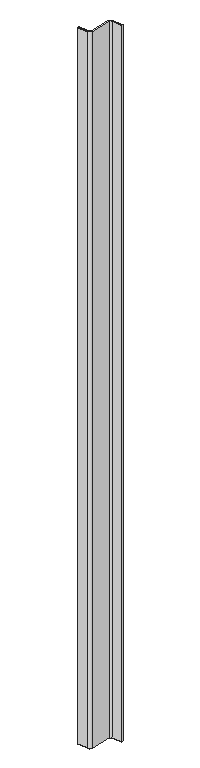
Revit family "Manômetro da luz - Perfis em Z - Coluna", category Pilares estruturais, Revit 2019
Family settings
  Forma do corte = Não definido
  Material para o comportamento do modelo = Aço
  Exportar sempre como geometria = Não
  Redução da viga na planta = Da caixa de vinculação
  Corte com vazios quando carregada = Não
  Representação simbólica = Das configurações de projeto
  Compartilhado = Não
  Exibir o pré-corte da família na vista da planta = Sim
Parameters (values of type "Z100x50x4.76")
  t = 4.8 mm
  r = t  # 4.8 mm
  W = 0.00678
  Type Comments = ""
  Structural Material [instance] = Aço leve galvaniado
  R = 2 * t  # 9.6 mm
  H = 100 mm
  B = 50 mm
  Código de montagem = "B10"
  A = 863.00 mm²
Reference planes
  plane 1 "Centro (Frente/Trás)": y = 0
  plane 2: z = 0
  plane 3 "Centro (Esquerda/Direita)": x = 0
  plane 4: y = -50
  plane 5: y = -45.2
  plane 6: y = 50
  plane 7: y = 45.2
  plane 8: x = -47.6
  plane 9: x = 47.6
  plane 10: x = -2.4
  plane 11: x = 2.4
Forms (mm)
  Extrusion 1, solid, material "Aço leve galvaniado" <- "Structural Material", detail levels medium
    sketch origin (0, 0, 0) x (1, 0, 0) y (0, 1, 0)
      loop
        line (-2.4, 50) -> (-2.4, -45.2) -> (-47.6, -45.2) -> (-47.6, -50) -> (2.4, -50) -> (2.4, 45.2) -> (47.6, 45.2) -> (47.6, 50) -> (-2.4, 50)
    from 0 to 2500
  Extrusion 2, solid, material "Aço leve galvaniado" <- "Structural Material", detail levels fine
    sketch origin (0, 0, 0) x (1, 0, 0) y (0, 1, 0)
      loop
        arc (7.2, 50) -> (0.412, 47.188) -> (-2.4, 40.4) r 9.6
        line (-2.4, 40.4) -> (-2.4, -40.4)
        arc (-2.4, -40.4) -> (-3.806, -43.794) -> (-7.2, -45.2) r 4.8
        line (-7.2, -45.2) -> (-47.6, -45.2) -> (-47.6, -50) -> (-7.2, -50)
        arc (-7.2, -50) -> (-0.412, -47.188) -> (2.4, -40.4) r 9.6
        line (2.4, -40.4) -> (2.4, 40.4)
        arc (2.4, 40.4) -> (3.806, 43.794) -> (7.2, 45.2) r 4.8
        line (7.2, 45.2) -> (47.6, 45.2) -> (47.6, 50) -> (7.2, 50)
    from 0 to 2500
Lines and regions (mm)
  symbolic lines, style "Faces ocultas", detail levels medium+fine
    curve 1: line (-2.4, -14.287, 2500) -> (-2.4, -14.287, 0)
    curve 2: line (0, -45.2, 2500) -> (0, -45.2, 0)
    curve 6: line (0, 45.2, 0) -> (0, 45.2, 2500)
    curve 7: line (2.4, 0, 0) -> (2.4, 0, 2500)
  symbolic lines, style "StructuralColumnStickSymbols", detail levels coarse
    curve 3: line (-47.6, -50, 0) -> (0, -50, 0)
    curve 4: line (0, -50, 0) -> (0, 50, 0)
    curve 5: line (0, 50, 0) -> (47.6, 50, 0)
Dimensions and locks
  equal spacing: plane 6, plane 1 "Centro (Frente/Trás)", plane 4
  "t": plane 6 to plane 7
  "t": plane 5 to plane 4
  "H": plane 6 to plane 4
  "t": plane 10 to plane 11
  equal spacing: plane 10, plane 3 "Centro (Esquerda/Direita)", plane 11
  "B": plane 10 to plane 9
  "B": plane 8 to plane 11
  "r": radius of Extrusion 2 sketch curve  (x2)
  "R": radius of Extrusion 2 sketch curve  (x2)
  aligned and locked: level to plane 2
  aligned and locked: level to curve 1
  aligned and locked: plane 5 to curve 2
  aligned and locked: level to curve 2
  aligned and locked: plane 2 to curve 2
  aligned and locked: plane 2 to curve 1
  aligned and locked: Extrusion 1 sketch curve to plane 6
  aligned and locked: Extrusion 1 sketch curve to plane 9
  aligned and locked: Extrusion 1 sketch curve to plane 7
  aligned and locked: plane 10 to Extrusion 1 sketch curve
  aligned and locked: Extrusion 1 sketch curve to plane 11
  aligned and locked: Extrusion 1 sketch curve to plane 5
  aligned and locked: plane 4 to Extrusion 1 sketch curve
  aligned and locked: plane 8 to Extrusion 1 sketch curve
  aligned and locked: level to Extrusion 1
  aligned and locked: Extrusion 1 to plane 2
  aligned and locked: plane 8 to Extrusion 2 sketch curve
  aligned and locked: Extrusion 2 sketch curve to plane 5
  aligned and locked: plane 4 to Extrusion 2 sketch curve
  aligned and locked: plane 10 to Extrusion 2 sketch curve
  aligned and locked: Extrusion 2 sketch curve to plane 11
  aligned and locked: Extrusion 2 sketch curve to plane 6
  aligned and locked: Extrusion 2 sketch curve to plane 7
  aligned and locked: Extrusion 2 sketch curve to plane 9
  aligned and locked: curve 5 to plane 6
  aligned and locked: plane 3 "Centro (Esquerda/Direita)" to curve 4
  aligned and locked: curve 3 to plane 4
  aligned and locked: plane 8 to curve 3
  aligned and locked: plane 9 to curve 5
  aligned and locked: Extrusion 2 to plane 2
  aligned and locked: level to Extrusion 2
  aligned and locked: level to curve 6
  aligned and locked: curve 6 to plane 7
  aligned and locked: plane 2 to curve 6
  aligned and locked: plane 10 to curve 1
  aligned and locked: level to curve 7
  aligned and locked: curve 7 to plane 11
  aligned and locked: plane 2 to curve 7
Types in the file's own list only (56): name | t | r | W | R | H | B | A
  Z50x25x1.52 | 2 mm | 2 mm | 0.00112 | 3 mm | 50 mm | 25 mm | 143.00 mm²
  Z50x25x1.90 | 2 mm | 2 mm | 0.00138 | 4 mm | 50 mm | 25 mm | 176.00 mm²
  Z50x25x2.28 | 2 mm | 2 mm | 0.00163 | 5 mm | 50 mm | 25 mm | 208.00 mm²
  Z50x25x2.66 | 3 mm | 3 mm | 0.00187 | 5 mm | 50 mm | 25 mm | 238.00 mm²
  Z50x25x3.04 | 3 mm | 3 mm | 0.0021 | 6 mm | 50 mm | 25 mm | 268.00 mm²
  Z75x40x1.52 | 2 mm | 2 mm | 0.00178 | 3 mm | 75 mm | 40 mm | 227.00 mm²
  Z75x40x1.90 | 2 mm | 2 mm | 0.0022 | 4 mm | 75 mm | 40 mm | 280.00 mm²
  Z75x40x2.28 | 2 mm | 2 mm | 0.00261 | 5 mm | 75 mm | 40 mm | 333.00 mm²
  Z75x40x2.66 | 3 mm | 3 mm | 0.00302 | 5 mm | 75 mm | 40 mm | 385.00 mm²
  Z75x40x3.04 | 3 mm | 3 mm | 0.00342 | 6 mm | 75 mm | 40 mm | 435.00 mm²
  Z75x40x3.42 | 3 mm | 3 mm | 0.0038 | 7 mm | 75 mm | 40 mm | 484.00 mm²
  Z75x40x3.80 | 4 mm | 4 mm | 0.00418 | 8 mm | 75 mm | 40 mm | 532.00 mm²
  Z75x40x4.18 | 4 mm | 4 mm | 0.00455 | 8 mm | 75 mm | 40 mm | 579.00 mm²
  Z75x40x4.76 | 5 mm | 5 mm | 0.00509 | 10 mm | 75 mm | 40 mm | 649.00 mm²
  Z100x40x1.52 | 2 mm | 2 mm | 0.00208 | 3 mm | 100 mm | 40 mm | 265.00 mm²
  Z100x40x1.90 | 2 mm | 2 mm | 0.00257 | 4 mm | 100 mm | 40 mm | 328.00 mm²
  Z100x40x2.28 | 2 mm | 2 mm | 0.00306 | 5 mm | 100 mm | 40 mm | 390.00 mm²
  Z100x40x2.66 | 3 mm | 3 mm | 0.00354 | 5 mm | 100 mm | 40 mm | 451.00 mm²
  Z100x40x3.04 | 3 mm | 3 mm | 0.00401 | 6 mm | 100 mm | 40 mm | 511.00 mm²
  Z100x40x3.42 | 3 mm | 3 mm | 0.00447 | 7 mm | 100 mm | 40 mm | 570.00 mm²
  Z100x40x3.80 | 4 mm | 4 mm | 0.00492 | 8 mm | 100 mm | 40 mm | 627.00 mm²
  Z100x40x4.18 | 4 mm | 4 mm | 0.00537 | 8 mm | 100 mm | 40 mm | 684.00 mm²
  Z100x40x4.76 | 5 mm | 5 mm | 0.00603 | 10 mm | 100 mm | 40 mm | 768.00 mm²
  Z100x50x1.52 | 2 mm | 2 mm | 0.00232 | 3 mm | 100 mm | 50 mm | 295.00 mm²
  Z100x50x1.90 | 2 mm | 2 mm | 0.00287 | 4 mm | 100 mm | 50 mm | 366.00 mm²
  Z100x50x2.28 | 2 mm | 2 mm | 0.00342 | 5 mm | 100 mm | 50 mm | 436.00 mm²
  Z100x50x2.66 | 3 mm | 3 mm | 0.00396 | 5 mm | 100 mm | 50 mm | 504.00 mm²
  Z100x50x3.04 | 3 mm | 3 mm | 0.00449 | 6 mm | 100 mm | 50 mm | 572.00 mm²
  Z100x50x3.42 | 3 mm | 3 mm | 0.00501 | 7 mm | 100 mm | 50 mm | 638.00 mm²
  Z100x50x3.80 | 4 mm | 4 mm | 0.00552 | 8 mm | 100 mm | 50 mm | 703.00 mm²
  Z100x50x4.18 | 4 mm | 4 mm | 0.00602 | 8 mm | 100 mm | 50 mm | 767.00 mm²
  Z127x50x1.52 | 2 mm | 2 mm | 0.00264 | 3 mm | 127 mm | 50 mm | 336.00 mm²
  Z127x50x1.90 | 2 mm | 2 mm | 0.00328 | 4 mm | 127 mm | 50 mm | 417.00 mm²
  Z127x50x2.28 | 2 mm | 2 mm | 0.0039 | 5 mm | 127 mm | 50 mm | 497.00 mm²
  Z127x50x2.66 | 3 mm | 3 mm | 0.00452 | 5 mm | 127 mm | 50 mm | 576.00 mm²
  Z127x50x3.04 | 3 mm | 3 mm | 0.00513 | 6 mm | 127 mm | 50 mm | 654.00 mm²
  Z127x50x3.42 | 3 mm | 3 mm | 0.00573 | 7 mm | 127 mm | 50 mm | 731.00 mm²
  Z127x50x3.80 | 4 mm | 4 mm | 0.00633 | 8 mm | 127 mm | 50 mm | 806.00 mm²
  Z127x50x4.18 | 4 mm | 4 mm | 0.00691 | 8 mm | 127 mm | 50 mm | 880.00 mm²
  Z127x50x4.76 | 5 mm | 5 mm | 0.00778 | 10 mm | 127 mm | 50 mm | 992.00 mm²
  Z150x50x1.90 | 2 mm | 2 mm | 0.00362 | 4 mm | 150 mm | 50 mm | 461.00 mm²
  Z150x50x2.28 | 2 mm | 2 mm | 0.00431 | 5 mm | 150 mm | 50 mm | 550.00 mm²
  Z150x50x2.66 | 3 mm | 3 mm | 0.005 | 5 mm | 150 mm | 50 mm | 637.00 mm²
  Z150x50x3.04 | 3 mm | 3 mm | 0.00568 | 6 mm | 150 mm | 50 mm | 724.00 mm²
  Z150x50x3.42 | 3 mm | 3 mm | 0.00635 | 7 mm | 150 mm | 50 mm | 809.00 mm²
  Z150x50x3.80 | 4 mm | 4 mm | 0.00701 | 8 mm | 150 mm | 50 mm | 893.00 mm²
  Z150x50x4.18 | 4 mm | 4 mm | 0.00766 | 8 mm | 150 mm | 50 mm | 976.00 mm²
  Z150x50x4.76 | 5 mm | 5 mm | 0.00864 | 10 mm | 150 mm | 50 mm | 1101.00 mm²
  Z200x50x1.90 | 2 mm | 2 mm | 0.00436 | 4 mm | 200 mm | 50 mm | 556.00 mm²
  Z200x50x2.28 | 2 mm | 2 mm | 0.00521 | 5 mm | 200 mm | 50 mm | 664.00 mm²
  Z200x50x2.66 | 3 mm | 3 mm | 0.00605 | 5 mm | 200 mm | 50 mm | 770.00 mm²
  Z200x50x3.04 | 3 mm | 3 mm | 0.00688 | 6 mm | 200 mm | 50 mm | 876.00 mm²
  Z200x50x3.42 | 3 mm | 3 mm | 0.00769 | 7 mm | 200 mm | 50 mm | 980.00 mm²
  Z200x50x3.80 | 4 mm | 4 mm | 0.0085 | 8 mm | 200 mm | 50 mm | 1083.00 mm²
  Z200x50x4.18 | 4 mm | 4 mm | 0.00931 | 8 mm | 200 mm | 50 mm | 1185.00 mm²
  Z200x50x4.76 | 5 mm | 5 mm | 0.01051 | 10 mm | 200 mm | 50 mm | 1339.00 mm²
